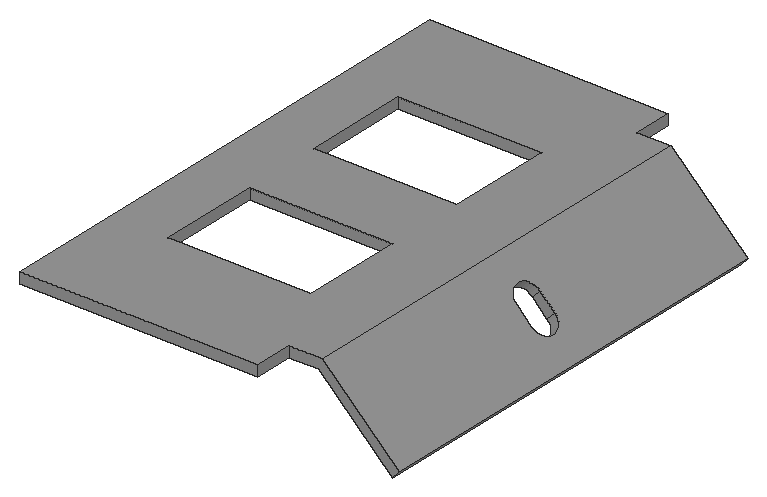
Revit family "Trägerplatte, MTM 2A", category Generic Models, Revit 2017
Family settings
  Can host rebar = No
  Round Connector Dimension = Use Diameter
  Part Type = Normal
  Work Plane-Based = No
  Always vertical = Yes
  Cut with Voids When Loaded = No
  Shared = No
  Room Calculation Point = No
Parameters (values of type "MTM 2A")
  Width/2 = Width / 2  # 36 mm
  Width = 72 mm
  URL = "http://www.obo-bettermann.com"
  Material = Stainless steel, grade 304
  Manufacturer Art.No. = "7407780"
  Manufacturer = "OBO Bettermann"
  Height 1 = 11.7 mm
  Height = 52 mm
  GTIN = "4012195113089"
  Article Type = "MTM 2A"
Reference planes
  plane 1 "Center (Front/Back)": y = 0
  plane 2: z = 0
  plane 3 "Center (Left/Right)": x = 0
  plane 4: y = 12.864
  plane 5: y = -13.136
  plane 6: x = 33.227
  plane 7: y = 30.5
  plane 8: y = -30.5
  plane 9: x = 39.472
  plane 10: through (47.25, -1524, 4.887) normal (0.7071, 0, -0.7071)
  plane 11: through (53.907, -1524, 1.645) normal (0.7071, 0, -0.7071)
  plane 12: z = 1.5
  plane 13: through (54.817, -1524, 0.735) normal (-0.7071, 0, 0.7071)
Forms (mm)
  Extrusion 1, solid, material "Stainless steel, grade 304" <- "Material"
    sketch origin (-49.655, 0, 0.232) x (1, 0, 0) y (0, 0, 1)
      loop
        line (49.482, -0.232) -> (87.07, -0.232) -> (97.442, -10.215) -> (98.482, -9.135) -> (87.675, 1.268) -> (49.482, 1.268) -> (49.482, -0.232)
    from -36 to 36
  Extrusion 2, void
    sketch origin (0, 0, 0) x (1, 0, 0) y (0, 1, 0)
      loop
        line (7.827, 20.4) -> (7.827, 5.6) -> (27.927, 5.6) -> (27.927, 20.4) -> (7.827, 20.4)
      loop
        line (7.827, -5.6) -> (7.827, -20) -> (27.927, -20) -> (27.927, -5.6) -> (7.827, -5.6)
    from 0 to 1.5
  Extrusion 3, void
    sketch origin (0, 0, 0) x (1, 0, 0) y (0, 1, 0)
      loop
        line (33.227, 36) -> (33.227, 30.5) -> (48.827, 30.5) -> (48.827, 36) -> (33.227, 36)
    from 0 to 1.5
  Extrusion 4, void
    sketch origin (0, 0, 0) x (1, 0, 0) y (0, 1, 0)
      loop
        line (37.416, 30.5) -> (48.827, 30.5) -> (48.827, 36) -> (37.416, 36) -> (37.416, 30.5)
    from -9.983 to 1.5
  Extrusion 5, void
    sketch origin (0, 0, 0) x (1, 0, 0) y (0, 1, 0)
      loop
        line (33.227, -36) -> (48.827, -36) -> (48.827, -30.5) -> (33.227, -30.5) -> (33.227, -36)
    from 0 to 1.5
  Extrusion 6, void
    sketch origin (0, 0, 0) x (1, 0, 0) y (0, 1, 0)
      loop
        line (37.416, -30.5) -> (37.416, -36) -> (48.827, -36) -> (48.827, -30.5) -> (37.416, -30.5)
    from -9.983 to 1.5
  Extrusion 7, void
    sketch origin (38.021, 0, 1.5) x (-0.720449, 0, 0.693508) y (0, 1, 0)
      loop
        arc (-6.05, -2.05) -> (-4, 0) -> (-6.05, 2.05) r 2.05
        line (-6.05, 2.05) -> (-8.95, 2.05)
        arc (-8.95, 2.05) -> (-11, 0) -> (-8.95, -2.05) r 2.05
        line (-8.95, -2.05) -> (-6.05, -2.05)
    from 0 to 1.5
Cuts and joins
  Extrusion 2, Extrusion 3, Extrusion 4, Extrusion 5, Extrusion 6, Extrusion 7 cuts Extrusion 1
Dimensions and locks
  locked: Extrusion 1 sketch curve to Extrusion 1 sketch curve at 1.5
  Extrusion 1 sketch curve to Extrusion 1 sketch curve = 1.5 mm
  locked: Extrusion 1 to Extrusion 1 at 1.5  (x2)
  Extrusion 1 sketch curve to Extrusion 1 sketch curve = 15 mm
  "Width": Extrusion 1 to Extrusion 1
  locked: Extrusion 1 sketch curve to plane 3 "Center (Left/Right)" at 38.021
  locked: Extrusion 1 sketch curve to Extrusion 1 sketch curve at 15
  Extrusion 1 to Extrusion 1 = 49 mm
  locked: Extrusion 2 sketch curve to Extrusion 2 sketch curve at 14.8
  Extrusion 2 sketch curve to Extrusion 2 sketch curve = 14.4 mm
  Extrusion 2 sketch curve to Extrusion 2 sketch curve = 20.1 mm
  locked: Extrusion 2 sketch curve to Extrusion 2 sketch curve at 20.1  (x2)
  locked: Extrusion 2 sketch curve to plane 1 "Center (Front/Back)" at 5.6  (x2)
  Extrusion 1 to Extrusion 2 sketch curve = 15.6 mm
  locked: Extrusion 1 to Extrusion 2 sketch curve at 16
  Extrusion 2 sketch curve to Extrusion 2 sketch curve = 11.2 mm  (x2)
  locked: plane 4 to plane 5 at 26
  locked: Extrusion 1 to Extrusion 2 sketch curve at 8  (x2)
  locked: cut or joined group of Extrusion 1, Extrusion 2, Extrusion 3, Extrusion 4, Extrusion 5, Extrusion 6, Extrusion 7 to plane 6 at 33.4
  locked: cut or joined group of Extrusion 1, Extrusion 2, Extrusion 3, Extrusion 4, Extrusion 5, Extrusion 6, Extrusion 7 to plane 7 at 5.5
  locked: plane 8 to cut or joined group of Extrusion 1, Extrusion 2, Extrusion 3, Extrusion 4, Extrusion 5, Extrusion 6, Extrusion 7 at 5.5
  locked: cut or joined group of Extrusion 1, Extrusion 2, Extrusion 3, Extrusion 4, Extrusion 5, Extrusion 6, Extrusion 7 to cut or joined group of Extrusion 1, Extrusion 2, Extrusion 3, Extrusion 4, Extrusion 5, Extrusion 6, Extrusion 7 at 14.8
  cut or joined group of Extrusion 1, Extrusion 2, Extrusion 3, Extrusion 4, Extrusion 5, Extrusion 6, Extrusion 7 to cut or joined group of Extrusion 1, Extrusion 2, Extrusion 3, Extrusion 4, Extrusion 5, Extrusion 6, Extrusion 7 = 14.4 mm
  cut or joined group of Extrusion 1, Extrusion 2, Extrusion 3, Extrusion 4, Extrusion 5, Extrusion 6, Extrusion 7 to plane 9 = 2.056 mm
  locked: plane 11 to plane 10 at 7
  cut or joined group of Extrusion 1, Extrusion 2, Extrusion 3, Extrusion 4, Extrusion 5, Extrusion 6, Extrusion 7 to cut or joined group of Extrusion 1, Extrusion 2, Extrusion 3, Extrusion 4, Extrusion 5, Extrusion 6, Extrusion 7 = 11.411 mm
  locked: Extrusion 7 sketch curve to Extrusion 7 sketch curve at 4.1
  locked: Extrusion 7 sketch curve to cut or joined group of Extrusion 1, Extrusion 2, Extrusion 3, Extrusion 4, Extrusion 5, Extrusion 6, Extrusion 7 at 11
  locked: Extrusion 7 sketch curve to cut or joined group of Extrusion 1, Extrusion 2, Extrusion 3, Extrusion 4, Extrusion 5, Extrusion 6, Extrusion 7 at 4
  locked: Extrusion 7 sketch curve to cut or joined group of Extrusion 1, Extrusion 2, Extrusion 3, Extrusion 4, Extrusion 5, Extrusion 6, Extrusion 7 at 28.45
  angle Extrusion 1 sketch curve to Extrusion 1 sketch curve = 136.092°
  locked: plane 12 to plane 10 (angle 45.00°)
  locked: plane 12 to plane 13 (angle 45.00°)
  aligned and locked: level to plane 2
  aligned and locked: level to Extrusion 1 sketch curve
  aligned and locked: Extrusion 2 to level
  aligned and locked: Extrusion 3 sketch curve to plane 6
  aligned and locked: Extrusion 3 sketch curve to plane 7
  aligned and locked: Extrusion 3 to plane 7
  aligned and locked: Extrusion 4 sketch curve to plane 7
  aligned and locked: Extrusion 4 to Extrusion 1  (x2)
  aligned and locked: Extrusion 5 sketch curve to plane 8
  aligned and locked: plane 6 to Extrusion 5 sketch curve
  aligned and locked: Extrusion 6 sketch curve to plane 8
  aligned and locked: Extrusion 1 to Extrusion 6  (x2)
  aligned and locked: Extrusion 1 to Extrusion 7  (x2)
  aligned and locked: Extrusion 5 to level
  aligned and locked: Extrusion 5 to Extrusion 1
  aligned and locked: Extrusion 3 to level
  aligned and locked: Extrusion 3 to Extrusion 1
Automatic sketch dimensions
  Extrusion 1 sketch curve to plane 3 "Center (Left/Right)" = 0.173 mm
  plane 7 to Extrusion 4 sketch curve = 5.5 mm
  Extrusion 5 sketch curve to Extrusion 5 sketch curve = 5.5 mm
  Extrusion 6 sketch curve to Extrusion 6 sketch curve = 5.5 mm
  Extrusion 3 sketch curve to Extrusion 3 sketch curve = 5.5 mm
  plane 9 to Extrusion 3 sketch curve = 9.355 mm
  Extrusion 4 sketch curve to plane 9 = 2.056 mm
  plane 9 to Extrusion 4 sketch curve = 9.355 mm
  plane 9 to Extrusion 5 sketch curve = 9.355 mm
  Extrusion 6 sketch curve to plane 9 = 2.056 mm
  plane 9 to Extrusion 6 sketch curve = 9.355 mm
